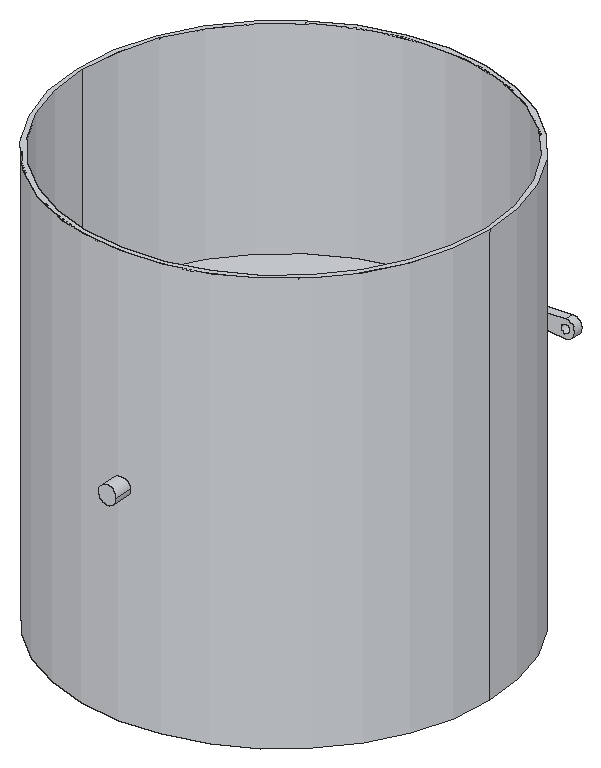
Revit family "CBRL", category Air Terminals, Revit 2012
Parameters (values of type "CBRL-06")
  URL = "http://www.innes.com.mx"
  Radio int A = Radio A - 1/16"  # 2 7/8"
  Radio A = 2 15/16"
  Mínima velocidad de cuello = 0 FPM
  Mínima presión estática = 0.00 in-wg
  Máximo nivel d ruido (NC) = ""
  Máxima velocidad de cuello = 0 FPM
  Máxima presión estática = 0.00 in-wg
  Material = ""
  Manufacturer = "INNES"
  Cuello = ""
  Altura compuerta = Altura H / 2  # 3"
  Altura H = 6"
Types (5): name | Radio int A | Radio A | Altura compuerta | Altura H
  (no name) | 2 7/8" | 2 15/16" | 3" | 6"
  CBRL-04 | 1 7/8" | 1 15/16" | 2" | 4"
  CBRL-05 | 2 3/8" | 2 7/16" | 2 1/2" | 5"
  CBRL-06 | 2 7/8" | 2 15/16" | 3" | 6"
  CBRL-07 | 3 3/8" | 3 7/16" | 3 1/2" | 7"
Reference planes (in)
  plane 1 "Center (Front/Back)": y = 0
  plane 2: z = 0
  plane 3 "Center (Left/Right)": x = 0
  plane 4: z = 6
  plane 5 "Altura compuerta": z = 3
  plane 6: z = 3.0625
Forms (in)
  Extrusion 1, solid
    sketch origin (0, 0, 0) x (1, 0, 0) y (0, 1, 0)
      loop
        circle (0, 0) r 2.9375
      loop
        circle (0, 0) r 2.875
    from 0 to 6
  Extrusion 2, solid
    sketch origin (0, 0, 3) x (-1, 0, 0) y (0, -1, 0)
      loop
        circle (0, 0) r 2.875
      loop
        line (0.19213, 1.48495) -> (0.19213, 1.6213) -> (-0.18482, 1.6213) -> (-0.18482, 1.48495) -> (0.19213, 1.48495)
      loop
        line (0.19213, -1.51505) -> (0.19213, -1.3787) -> (-0.18482, -1.3787) -> (-0.18482, -1.51505) -> (0.19213, -1.51505)
    from 0 to 0.0625
Dimensions and locks (in)
  "Altura H": plane 4 to level
  "Altura compuerta": plane 5 "Altura compuerta" to level
  locked: plane 6 to plane 5 "Altura compuerta" at 0.0625
  "Radio A": radius of Extrusion 1 sketch curve
  "Radio int A": radius of Extrusion 1 sketch curve
  "Radio int A": radius of Extrusion 2 sketch curve
  aligned and locked: plane 2 to level
  aligned and locked: plane 4 to Extrusion 1
  aligned and locked: plane 6 to Extrusion 2
  aligned and locked: plane 5 "Altura compuerta" to nested 1
  aligned and locked: nested 2 to plane 5 "Altura compuerta"
Automatic sketch dimensions
  Extrusion 1 sketch curve to Extrusion 1 sketch curve = 0"  (x2)
  plane 1 "Center (Front/Back)" to Extrusion 1 sketch curve = 0"
  Extrusion 1 sketch curve to plane 3 "Center (Left/Right)" = 0"
  plane 1 "Center (Front/Back)" to Extrusion 2 sketch curve = 0"
  Extrusion 2 sketch curve to plane 3 "Center (Left/Right)" = 0"
  plane 3 "Center (Left/Right)" to Extrusion 2 sketch curve = 0.18482"  (x2)
  Extrusion 2 sketch curve to plane 3 "Center (Left/Right)" = 0.19213"  (x2)
  Extrusion 2 sketch curve to plane 1 "Center (Front/Back)" = 1.3787"
  Extrusion 2 sketch curve to Extrusion 2 sketch curve = 0.13635"  (x2)
  plane 1 "Center (Front/Back)" to Extrusion 2 sketch curve = 1.48495"
Nested families (in)
  nested 1: "Ensamble CBRL" at (-0.00647, 2.93749, 3) x (0, 0, 1) z (-0.0022, 1, 0), type "Ensamble CBRL"
  nested 2: "Ensamble 2  CBRL" at (0.03377, -2.93731, 3) x (0.9999, 0.0115, 0) z (0.0115, -0.9999, 0), type "Ensamble 2  CBRL"
Connectors (in)
  hvac at (0, 0, 6), driven by "Radio A"
    settings: on Extrusion 1, index 1, duct flow 0 CFM, flow factor 0, pres drop 0.00 in-wg, loss coef 0, conn angle 0.00°, conn width 12", conn height 12", conn radius 2 15/16", duct sys type 1, conn prof type 0, flow config 0, flow direction 0, loss method 0, conn ref index -1, conn util no, is conn primary yes, conn desc ""
Definition of nested family "Ensamble CBRL"
  Parameters (values of type "Ensamble CBRL")
    Default Elevation = 48"
  Reference planes (in)
    plane 1 "Center (Front/Back)": y = 0
    plane 2: z = 0
    plane 3 "Center (Left/Right)": x = 0
  Forms (in)
    Extrusion 1, solid
      sketch origin (0, 0, 0) x (1, 0, 0) y (0, 1, 0)
        loop
          line (-48, 48) -> (-48, -48) -> (48, -48) -> (48, 48) -> (-48, 48)
      from 0 to -12
    Extrusion 2, solid
      sketch origin (0, 0, 0) x (1, 0, 0) y (0, 1, 0)
        loop
          circle (0, 0) r 0.125
      from 0 to 1
    Extrusion 3, solid
      sketch origin (0, 0, 0) x (1, 0, 0) y (0, 1, 0)
        loop
          arc (-0.125, 1.67139) -> (-0.07888, 0.90557) -> (-0.125, 0.13975) r 6.38165
          arc (-0.125, 0.13975) -> (-0.18651, -0.01929) -> (-0.09375, -0.16238) r 0.1875
          arc (-0.09375, -0.16238) -> (-0.048, -0.20813) -> (-0.03125, -0.27063) r 0.125
          line (-0.03125, -0.27063) -> (-0.03125, -0.34249)
          arc (-0.03125, -0.34249) -> (0, -0.37374) -> (0.03125, -0.34249) r 0.03125
          line (0.03125, -0.34249) -> (0.03125, -0.27167)
          arc (0.03125, -0.27167) -> (0.04813, -0.20845) -> (0.09429, -0.16207) r 0.1268
          arc (0.09429, -0.16207) -> (0.18654, -0.01898) -> (0.125, 0.13975) r 0.1875
          arc (0.125, 0.13975) -> (0.0843, 0.90557) -> (0.125, 1.67139) r 7.22441
          arc (0.125, 1.67139) -> (0, 1.79639) -> (-0.125, 1.67139) r 0.125
        loop
          circle (0, 1.67139) r 0.06337
        loop
          circle (0, 0.30702) r 0.06344
        loop
          circle (0, 0) r 0.125
      from 0 to 0.125
  Dimensions and locks (in)
    aligned and locked: plane 2 to Extrusion 1
    aligned and locked: level to Extrusion 1
Definition of nested family "Ensamble 2  CBRL"
  Parameters (values of type "Ensamble 2  CBRL")
    Default Elevation = 48"
  Reference planes (in)
    plane 1 "Center (Front/Back)": y = 0
    plane 2: z = 0
    plane 3 "Center (Left/Right)": x = 0
  Forms (in)
    Extrusion 1, solid
      sketch origin (0, 0, 0) x (1, 0, 0) y (0, 1, 0)
        loop
          line (-48, 48) -> (-48, -48) -> (48, -48) -> (48, 48) -> (-48, 48)
      from 0 to -12
    Extrusion 2, solid
      sketch origin (0, 0, 0) x (1, 0, 0) y (0, 1, 0)
        loop
          circle (0, 0) r 0.125
      from 0 to 0.25
  Dimensions and locks (in)
    aligned and locked: plane 2 to Extrusion 1
    aligned and locked: level to Extrusion 1
